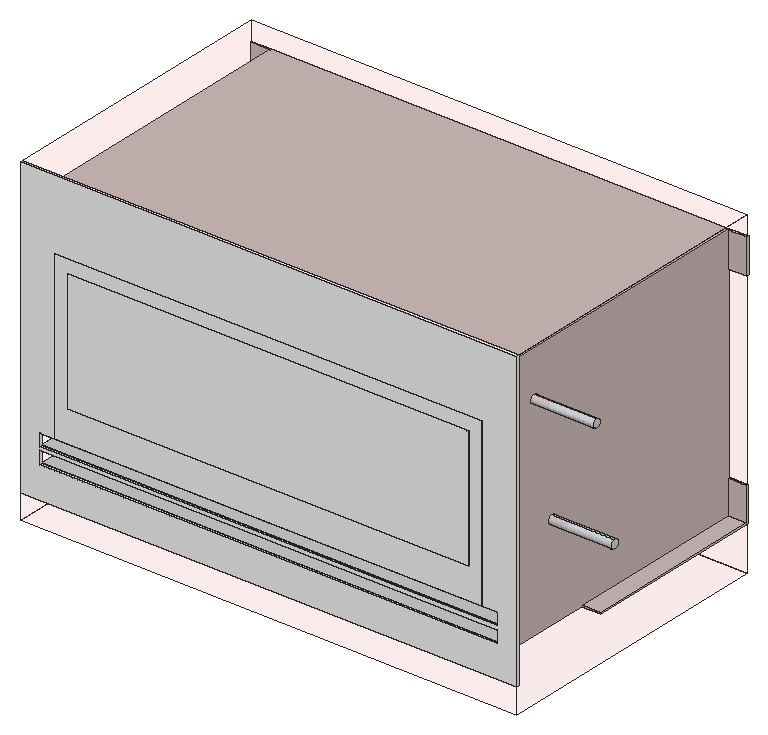
Revit family "Air-Curtain_Customer-Entry_PoweredAire_ECC-HW", category Mechanical Equipment, host Face, Revit 2022
Family settings
  Host = Face
  Round Connector Dimension = Use Diameter
  Part Type = Normal
  OmniClass Number = 23.75.35.17.21
  OmniClass Title = Air Curtains
  Cut with Voids When Loaded = No
  Maintain Annotation Orientation = No
  Shared = No
  Room Calculation Point = No
Parameters
  upperpiperotation [instance] = if(Upper Pipe Connection Side A, 0.00°, 180.00°)  # 0.00°
  lowerpiperotation [instance] = if(Lower Pipe Connection Side A, 0.00°, 180.00°)  # 0.00°
  locateupperpipe [instance] = if(Upper Pipe Connection Side A, 0' 0", Nozzle Width)  # 0' - 0"
  locatelowerpipe [instance] = if(Lower Pipe Connection Side A, 0' 0", Nozzle Width)  # 0' - 0"
  Warranty Duration (Years) = 0
  Upper Pipe Connection Side A [instance] = yes
  Unit Width Notes = "Other Widths available."  # constant formula
  Unit Width = 3' - 3"
  Unit Weight = 0
  Unit Height = 1' - 10 3/4"
  Unit Depth = 1' - 11 1/4"
  URL = "http://www.poweredaire.com/"
  Test Data = ""
  Standards Conformance = "as Specified"
  Specification = "http://www.arcat.com/sdspecs/htm04/23_34_33pai.htm"
  SpecWizard = ""
  Sound Pressure = "as Specified"
  Sales Information = "http://www.poweredaire.com/contact_us"
  Revision = "R1_2016-08"
  Projection from Host [instance] = 0' - 2"
  Product Properties = ""
  Product Data = "http://www.arcat.com/arcatcos/cos47/arc47623.html"
  Power Rating = 0 W
  Piping_Water Flow [instance] = 0 GPM
  Piping_Operating Pressure [instance] = 0.00 psi
  Piping_Exit Temperature [instance] = 0 °F
  Piping_Entry Temperature [instance] = 0 °F
  Pipe OD [instance] = 5/8"
  Nozzle Width = if(1 = 1, Unit Width - 0' 3", 0' 0")  # 3' - 0"
  Mounting Width = if(1 = 1, Unit Width - 0' 1 1/2", 0' 0")  # 3' - 1 1/2"
  Mounting Height [instance] = 3' - 6"
  Motor RPM = 0
  Motor HP = 0
  Motor Count = 0
  Model = "As Specified"
  Max Height = 0' - 0"
  Manufacturer Website = "http://www.poweredaire.com/"
  Manufacturer Phone - Toll Free = "888-321-2473"
  Manufacturer Phone = "724-588-3305"
  Manufacturer Fax = "724-588-3371"
  Manufacturer Address = "109 Mortensen Rd.  Greenville, PA 16125"
  Manufacturer = "Powered Aire, Inc"
  Maintenance Schedule (Months) = 0
  Lower Pipe Connection Side A [instance] = yes
  Keynote = "23 34 33"
  Installation-Fabrication = ""
  Installation Phase = ""
  Include Clearance [instance] = yes
  Heating Element Load = 0 W
  HVAC_Temperature Rise = 0 °F
  HVAC_Outlet Volume = 0 CFM
  HVAC_Outlet Velocity Uniformity = 0
  HVAC_Outlet Velocity = 0 FPM
  HVAC_BTU Input = 0.0 Btu/h
  Green Building-LEED = "http://www.arcat.com/green/clients/leed_data_47623.html"
  Front Grating Material [instance] = Metal - Steel - PoweredAire - White Perforated
  Frame Finish [instance] = Metal - Steel - PoweredAire - Stainless 304
  Expected Lifespan (Years) = 0
  Electrical_Wattage [instance] = Power Rating + Heating Element Load  # 0 W
  Electrical_Voltage [instance] = 0 V
  Electrical_Phase [instance] = 1
  Electrical_Frequency [instance] = 0 Hz
  Electrical_Amperage [instance] = 0 A
  Drawn By = "Sumex Design, Inc. / Robert S. Weygant, CSI, CDT, SCIP"
  Description = "Powered Aire Air Curtain as Specified"
  Default Elevation = 0' - 0"  # constant formula
  Cover Finish [instance] = Metal - Steel - PoweredAire - White
  Copyright = "©Arcat Inc."
  Construction Details = "http://www.arcat.com/details/powair/prod3336.html"
  Clearance_Top [instance] = 0' - 0"
  Clearance_Side B [instance] = 0' - 0"
  Clearance_Side A [instance] = 0' - 0"
  Clearance_Intake [instance] = 0' - 0"
  Clearance_Front [instance] = 0' - 0"
  Clearance Material [instance] = ARCAT Clearance
  Building Codes = ""
  Available Options [instance] = "as Specified"
  Assembly Code = "D3090400"
Reference planes (in)
  plane 1 "Center (Elevation)": y = 11.51318
  plane 2: z = 0
  plane 3 "Center (Left/Right)": x = 0
  plane 4: y = 22.88818
  plane 5: y = 0.13818
  plane 6: x = -19.5
  plane 7: x = 19.5
  plane 8: z = 25.25
  plane 9 "FF": y = -41.86182
  plane 10: z = 2
  plane 11: x = 18
  plane 12: x = -18
  plane 13: y = 22.88818
  plane 14: y = 0.13818
  plane 15: x = -19.5
  plane 16: x = 19.5
  plane 17: z = 25.25
  plane 18: y = 0.38818
  plane 19: x = 18
  plane 20: x = 18
  plane 21: z = 20.25
  plane 22: z = 11
Forms (in)
  Extrusion 1, solid, material "ARCAT Clearance" <- "Clearance Material", visible <- "Include Clearance"
    sketch origin (0, 0, 0) x (0, 1, 0) y (0, 0, 1)
      loop
        line (0.13818, 25.25) -> (0.13818, 0) -> (22.88818, 0) -> (22.88818, 25.25) -> (0.13818, 25.25)
    from -19.5 to 19.5
  Extrusion 2, solid, material "Metal - Steel - PoweredAire - White" <- "Cover Finish"
    sketch origin (0, 11.51318, 0) x (1, 0, 0) y (0, 0, 1)
      loop
        line (-19.5, 25.25) -> (-19.5, 2) -> (19.5, 2) -> (19.5, 25.25) -> (-19.5, 25.25)
    from 11.125 to 11.375
  Extrusion 3, solid, material "Metal - Steel - PoweredAire - Stainless 304" <- "Frame Finish"
    sketch origin (0, 11.51318, 0) x (1, 0, 0) y (0, 0, 1)
      loop
        line (18, 23.75) -> (-18, 23.75) -> (-18, 3.5) -> (18, 3.5) -> (18, 23.75)
    from -11.375 to 11.125
  Extrusion 4, void
    sketch origin (0, 0, 0) x (0, 1, 0) y (0, 0, 1)
      loop
        line (0.13818, 5.5) -> (0.13818, 4.5) -> (1.88818, 4.5) -> (1.88818, 6.75) -> (0.13818, 6.75) -> (0.13818, 5.75) -> (1.63818, 5.75) -> (1.63818, 5.5) -> (0.13818, 5.5)
    from -18 to 18
  Extrusion 5, solid, material "Metal - Steel - PoweredAire - White" <- "Cover Finish"
    sketch origin (-11.83813, 0.13818, 48) x (-1, 0, 0) y (0, 0, 1)
      loop
        line (4.91187, -41.25) -> (4.91187, -28.25) -> (-28.58813, -28.25) -> (-28.58813, -41.25) -> (4.91187, -41.25)
    from 0 to -0.03125
  Extrusion 6, solid, material "Metal - Steel - PoweredAire - White Perforated" <- "Front Grating Material"
    sketch origin (-11.83813, 0.10693, 48) x (1, 0, 0) y (0, 0, 1)
      loop
        line (-3.91187, -29.25) -> (-3.91187, -38.75) -> (27.58813, -38.75) -> (27.58813, -29.25) -> (-3.91187, -29.25)
    from 0 to 0.03125
  Extrusion 7, solid, material "Metal - Steel - PoweredAire - Stainless 304" <- "Frame Finish"
    sketch origin (-15.17702, -180, 2) x (-1, 0, 0) y (0, -1, 0)
      loop
        line (-33.17702, -202.88818) -> (-33.17702, -188.38818) -> (-34.67702, -188.38818) -> (-34.67702, -202.88818) -> (-33.17702, -202.88818)
      loop
        line (2.82298, -202.88818) -> (4.32298, -202.88818) -> (4.32298, -188.38818) -> (2.82298, -188.38818) -> (2.82298, -202.88818)
    from 1.5 to 1.625
  Extrusion 8, solid, material "Metal - Steel - PoweredAire - Stainless 304" <- "Frame Finish"
    sketch origin (-11.83813, 22.88818, 48) x (-1, 0, 0) y (0, 0, 1)
      loop
        line (7.66187, -44.5) -> (7.66187, -41.75) -> (6.16187, -41.75) -> (6.16187, -44.5) -> (7.66187, -44.5)
      loop
        line (-31.33813, -44.5) -> (-29.83813, -44.5) -> (-29.83813, -41.75) -> (-31.33813, -41.75) -> (-31.33813, -44.5)
      loop
        line (7.66187, -27) -> (7.66187, -24.25) -> (6.16187, -24.25) -> (6.16187, -27) -> (7.66187, -27)
      loop
        line (-31.33813, -27) -> (-29.83813, -27) -> (-29.83813, -24.25) -> (-31.33813, -24.25) -> (-31.33813, -27)
    from 0 to -0.125
  Sweep 9, solid
    path origin (18, 11.51318, 20.25) x (1, 0, 0) y (0, 0, 1)
      loop
        line (0, 0) -> (5, 0)
    profile origin (20.5, 11.51318, 20.25) x (0, 0, 1) y (0, -1, 0)
      loop
        circle (0, 7.875) r 0.3125
  Sweep 10, solid
    path origin (18, 11.51318, 11) x (1, 0, 0) y (0, 0, 1)
      loop
        line (0, 0) -> (5, 0)
    profile origin (20.5, 11.51318, 11) x (0, 0, 1) y (0, -1, 0)
      loop
        circle (0, 6.125) r 0.3125
Cuts and joins
  Extrusion 4 cuts Extrusion 1
  Extrusion 4 cuts Extrusion 2
  Extrusion 4 cuts Extrusion 3
Lines and regions (in)
  reference lines
    curve 1: line (18, 11.51318, 20.25) -> (25.75, 11.51318, 20.25)
    curve 2: line (18, 11.51318, 11) -> (26.25, 11.51318, 11)
Dimensions and locks (in)
  equal spacing: plane 4, plane 1 "Center (Elevation)", plane 5
  "Unit Height": plane 4 to plane 5
  equal spacing: plane 6, plane 3 "Center (Left/Right)", plane 7
  "Unit Width": plane 6 to plane 7
  "Mounting Height": plane 5 to plane 9 "FF"
  "Projection from Host": plane 10 to level
  "Unit Depth": plane 8 to plane 10
  locked: plane 6 to plane 12 at 1.5
  locked: plane 11 to plane 7 at 1.5
  "Clearance_Side A": plane 7 to plane 16
  "Clearance_Side B": plane 15 to plane 6
  "Clearance_Top": plane 13 to plane 4
  "Clearance_Intake": plane 5 to plane 14
  "Clearance_Front": plane 17 to plane 8
  locked: plane 8 to Extrusion 3 sketch curve at 1.5
  locked: Extrusion 3 sketch curve to plane 10 at 1.5
  locked: plane 7 to Extrusion 3 sketch curve at 1.5
  locked: Extrusion 3 sketch curve to plane 6 at 1.5
  locked: plane 18 to plane 5 at 0.25
  Extrusion 4 sketch curve to Extrusion 4 sketch curve to Extrusion 4 sketch curve to Extrusion 4 sketch curve to plane 10 = 0' - 1" locked, 0' - 0 1/4" locked, 0' - 1" locked, 0' - 2 1/2" locked
  Extrusion 5 sketch curve to Extrusion 5 sketch curve to plane 10 = 1' - 1" locked, 0' - 4 3/4" locked
  locked: plane 11 to Extrusion 5 sketch curve at 1.25
  locked: Extrusion 5 sketch curve to plane 12 at 1.25
  Extrusion 6 sketch curve to Extrusion 6 sketch curve to plane 10 = 0' - 9 1/2" locked, 0' - 7 1/4" locked
  locked: Extrusion 6 sketch curve to plane 12 at 2.25
  locked: plane 11 to Extrusion 6 sketch curve at 2.25
  locked: plane 4 to Extrusion 7 sketch curve at 14.5  (x2)
  Extrusion 8 sketch curve to Extrusion 8 sketch curve to Extrusion 8 sketch curve to Extrusion 8 sketch curve to plane 10 = 0' - 2 3/4" locked, 1' - 2 3/4" locked, 0' - 2 3/4" locked, 0' - 1 1/2" locked  (x2)
  "locatelowerpipe": plane 19 to plane 11
  "locateupperpipe": plane 20 to plane 11
  locked: plane 8 to plane 21 at 5
  locked: plane 22 to plane 10 at 9
  locked: curve 1 to Sweep 9 sketch curve at 5
  locked: curve 1 to Sweep 9 sketch curve
  locked: curve 2 to Sweep 10 sketch curve at 5
  locked: curve 2 to Sweep 10 sketch curve
  locked: plane 5 to Sweep 9 sketch curve at 3.5
  locked: plane 5 to Sweep 10 sketch curve at 5.25
  "lowerpiperotation": angle plane 21 to curve 1
  "upperpiperotation": angle plane 22 to curve 2
  aligned and locked: plane 2 to host face
  aligned and locked: level to host face
  aligned and locked: Extrusion 1 sketch curve to plane 17
  aligned and locked: plane 14 to Extrusion 1 sketch curve
  aligned and locked: level to Extrusion 1 sketch curve
  aligned and locked: Extrusion 1 sketch curve to plane 13
  aligned and locked: plane 16 to Extrusion 1
  aligned and locked: Extrusion 1 to plane 15
  aligned and locked: Extrusion 2 sketch curve to plane 8
  aligned and locked: plane 6 to Extrusion 2 sketch curve
  aligned and locked: Extrusion 2 sketch curve to plane 10
  aligned and locked: Extrusion 2 sketch curve to plane 7
  aligned and locked: Extrusion 3 to plane 4
  aligned and locked: Extrusion 3 to plane 18
  aligned and locked: Extrusion 2 to plane 18
  aligned and locked: Extrusion 2 to plane 5
  aligned and locked: plane 11 to Extrusion 4
  aligned and locked: Extrusion 4 to plane 12
  aligned and locked: Extrusion 7 sketch curve to plane 4  (x2)
  aligned and locked: plane 20 to curve 2
  aligned and locked: plane 22 to curve 2
  aligned and locked: plane 19 to curve 1
  aligned and locked: plane 21 to curve 1
Automatic sketch dimensions
  host sketch curve to host sketch curve = 8' - 0"  (x2)
  Extrusion 4 sketch curve to plane 5 = 0' - 0"  (x2)
  plane 18 to Extrusion 4 sketch curve = 0' - 1 1/4"
  Extrusion 4 sketch curve to Extrusion 4 sketch curve = 0' - 0 1/4"
  Extrusion 7 sketch curve to plane 7 = 0' - 0"
  Extrusion 7 sketch curve to plane 11 = 0' - 0"
  Extrusion 7 sketch curve to plane 12 = 0' - 0"
  Extrusion 7 sketch curve to plane 6 = 0' - 0"
  Extrusion 8 sketch curve to plane 7 = 0' - 0"  (x2)
  Extrusion 8 sketch curve to plane 11 = 0' - 0"  (x2)
  Extrusion 8 sketch curve to plane 12 = 0' - 0"  (x2)
  Extrusion 8 sketch curve to plane 6 = 0' - 0"  (x2)
  profile plane to Sweep 9 sketch curve = 0' - 0"
  profile plane to Sweep 10 sketch curve = 0' - 0"
  radius of Sweep 9 sketch curve = 0' - 0 5/16"
  radius of Sweep 10 sketch curve = 0' - 0 5/16"
Connectors (in)
  electrical at (-18, 6.38818, 9.625), driven by "Electrical_Voltage", driven by "Electrical_Phase"
    settings: on cut or joined group of Extrusion 3, Extrusion 4, index 1, voltage 0 V, apparent load 0 VA, apparent load phase1 0 VA, apparent load phase2 0 VA, apparent load phase3 0 VA, power factor 1, load classification "Other", number of poles 1, system type 31, power factor state 1, is connector primary yes, connector utility no, sub classification motor no, connector description ""
  piping at (23, 3.63818, 20.25), diameter 0.625, driven by "Pipe OD"
    settings: on Sweep 9, index 2, connector inside diameter 24", connector length 0' - 0", flow factor 0, pipe flow 0 GPM, pressure drop 0.00 psi, fitting loss kfactor 0, connector angle 0.00°, fixture units 0, engagement length 0' - 0", angle of deflection 0.00°, flow configuration 0, flow direction 0, fitting loss method 0, system type 29, joint type 0, gender type 0, connector reference index -1, connector utility 0, adjustable connector no, is connector primary no, connector description "Define Supply or Return and Location"
  piping at (23, 5.38818, 11), diameter 0.625, driven by "Pipe OD"
    settings: on Sweep 10, index 3, connector inside diameter 24", connector length 0' - 0", flow factor 0, pipe flow 0 GPM, pressure drop 0.00 psi, fitting loss kfactor 0, connector angle 0.00°, fixture units 0, engagement length 0' - 0", angle of deflection 0.00°, flow configuration 0, flow direction 0, fitting loss method 0, system type 29, joint type 0, gender type 0, connector reference index -1, connector utility 0, adjustable connector no, is connector primary yes, connector description "Define Supply or Return and Location"
